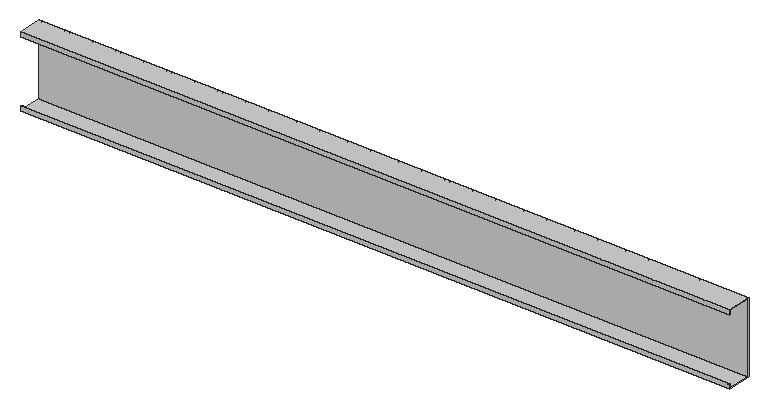
Revit family "BIMSF-SSMA-S", category Structural Framing, Revit 2024
Family settings
  Section Shape = C Profile with Lips
  Material for Model Behavior = Steel
  Always export as geometry = No
  Always vertical = Yes
  Cut with Voids When Loaded = No
  Symbolic Representation = From Project Settings
  Shared = No
  Show family pre-cut in plan views = Yes
Parameters (values of type "Default")
  Weight = 0.00 lbf/ft
  Structural Material [instance] = Metal - Steel - ASTM A992
  Short Tag = ""
  Return = 0' - 0 3/8"
  Reported Length [instance] = 5' - 0"
  Model = "V2"
  Long Tag = ""
  Assembly Code = "B10"
  Length [instance] = 5' - 0"
  bf = 0' - 2"
  d = 0' - 6"
  tf = 0' - 0 1/16"
Reference planes (in)
  plane 1 "Center (Front/Back)": y = 0
  plane 2: z = 0
  plane 3 "Center (Left/Right)": x = 0.1815
  plane 4 "Top": z = 3
  plane 5: z = -3
  plane 6 "Left": x = -29.8185
  plane 7 "Right": x = 30.1815
  plane 8: y = -1
  plane 9: y = 1
  plane 10: y = 0.9375
  plane 11: y = -0.9375
  plane 12: z = 2.9375
  plane 13: z = -2.9375
  plane 14: z = 2.625
  plane 15: z = -2.625
Forms (in)
  Extrusion 1, solid, material "Metal - Steel - ASTM A992" <- "Structural Material", detail levels medium+fine
    sketch origin (-29.8185, 0.02734, 0.16016) x (0, -1, 0) y (0, 0, 1)
      loop
        line (1.02734, 2.83984) -> (-0.97266, 2.83984) -> (-0.97266, -3.16016) -> (1.02734, -3.16016) -> (1.02734, -2.78516) -> (0.96484, -2.78516) -> (0.96484, -3.09766) -> (-0.91016, -3.09766) -> (-0.91016, 2.77734) -> (0.96484, 2.77734) -> (0.96484, 2.46484) -> (1.02734, 2.46484) -> (1.02734, 2.83984)
    from -60 to 0
Lines and regions (in)
  model lines, style "BIMSF.Framing", not visible, detail levels coarse
    curve 1: line (-29.8185, 0, 0) -> (30.1815, 0, 0)
Dimensions and locks (in)
  "d": plane 5 to plane 4 "Top"
  equal spacing: plane 5, plane 2, plane 4 "Top"
  "Length": plane 6 "Left" to plane 7 "Right"
  "bf": plane 9 to plane 8
  equal spacing: plane 9, plane 1 "Center (Front/Back)", plane 8
  "tf": plane 4 "Top" to plane 12
  "tf": plane 13 to plane 5
  "tf": plane 11 to plane 8
  "tf": plane 9 to plane 10
  "Return": plane 4 "Top" to plane 14
  "Return": plane 5 to plane 15
  "Reported Length": plane 6 "Left" to plane 7 "Right"
  aligned and locked: Extrusion 1 sketch curve to plane 4 "Top"
  aligned and locked: plane 8 to Extrusion 1 sketch curve  (x2)
  aligned and locked: Extrusion 1 sketch curve to plane 14
  aligned and locked: Extrusion 1 sketch curve to plane 12
  aligned and locked: Extrusion 1 sketch curve to plane 11  (x2)
  aligned and locked: plane 10 to Extrusion 1 sketch curve
  aligned and locked: plane 13 to Extrusion 1 sketch curve
  aligned and locked: plane 15 to Extrusion 1 sketch curve
  aligned and locked: plane 5 to Extrusion 1 sketch curve
  aligned and locked: Extrusion 1 sketch curve to plane 9
  aligned and locked: plane 2 to level
  aligned and locked: Extrusion 1 to plane 7 "Right"
  aligned and locked: plane 6 "Left" to Extrusion 1
  aligned and locked: plane 1 "Center (Front/Back)" to curve 1
  aligned and locked: plane 6 "Left" to curve 1
  aligned and locked: plane 7 "Right" to curve 1
